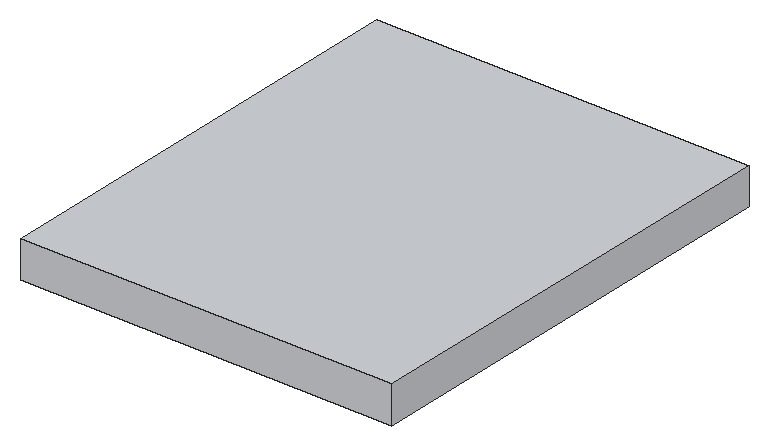
Revit family "KCPD_GOI", category Generic Models, Revit 2027
Family settings
  Can host rebar = No
  Round Connector Dimension = Use Diameter
  Part Type = Normal
  Work Plane-Based = No
  Always vertical = Yes
  Cut with Voids When Loaded = No
  Maintain Annotation Orientation = No
  Shared = No
  Room Calculation Point = No
Parameters
  Đơn vị = "CẤU KIỆN"
  RebarVolumn [instance] = ""
  Tên nhóm cấu kiện [instance] = ""
  Tên cấu kiện [instance] = ""
  Tên công trình [instance] = ""
  Thời gian kết thúc [instance] = ""
  Thời gian bắt đầu [instance] = ""
  Nhóm cấu kiện = "GỐI"
  Mô tả [instance] = ""
  Model Material = none
  Lực nén giới hạn gối [instance] = "2500kN"
  Loại vật liệu [instance] = ""
  Loại cấu kiện = "GỐI CẦU"
  Khối lượng bê tông [instance] = 0.00 m³
  Hạng mục = "KẾT CẤU KHÁC"
  Goi_W [instance] = 500 mm
  Goi_L [instance] = 600 mm
  Goi_H [instance] = 50 mm
  Giá trị [instance] = ""
  Diện tích ván khuôn [instance] = 0.00 m²
  Default Elevation = 0 mm
  Công trình = "CẦU"
  Cao độ gối (m) [instance] = ""
  A100 [instance] = ""
Reference planes
  plane 1 "Center (Front/Back)": y = 0
  plane 2: z = 0
  plane 3 "Center (Left/Right)": x = 0
  plane 4: y = 300
  plane 5: y = -300
  plane 6: x = -250
  plane 7: x = 250
  plane 8: z = 50
Forms (mm)
  Extrusion 1, solid
    sketch origin (0, 0, 0) x (1, 0, 0) y (0, 1, 0)
      loop
        line (-250, 300) -> (-250, -300) -> (250, -300) -> (250, 300) -> (-250, 300)
    from 0 to 50
Dimensions and locks
  equal spacing: plane 6, plane 3 "Center (Left/Right)", plane 7
  "Goi_W": plane 6 to plane 7
  equal spacing: plane 4, plane 1 "Center (Front/Back)", plane 5
  "Goi_L": plane 4 to plane 5
  "Goi_H": level to plane 8
  aligned and locked: level to plane 2
  aligned and locked: plane 6 to Extrusion 1 sketch curve
  aligned and locked: plane 7 to Extrusion 1 sketch curve
  aligned and locked: Extrusion 1 sketch curve to plane 4
  aligned and locked: Extrusion 1 sketch curve to plane 5
  aligned and locked: plane 8 to Extrusion 1
